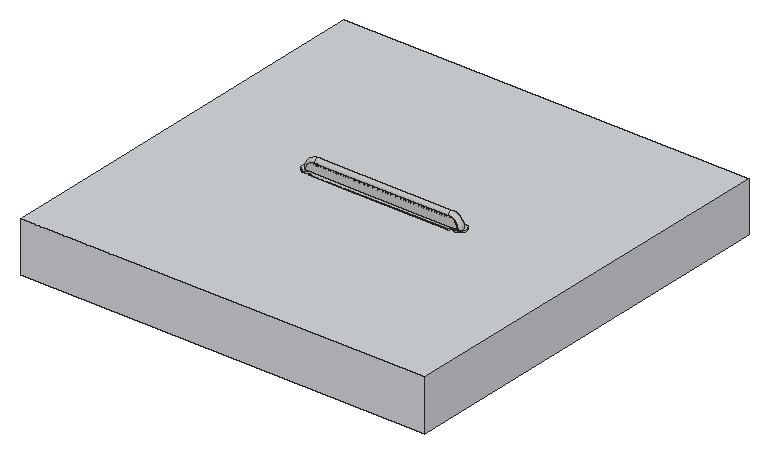
Revit family
Parameters (values of type "1109-4")
  Waste Connection = no
  WFU = 0
  Voltage = 0
  Vent Connection = no
  URL = "http://www.acorneng.com"
  Type Comments = ""
  Tempered Water Connection = no
  Revised Date = "09-19-12"
  Phone# = "626-336-4561"
  Model = "1109-4"
  Material = 304 Stainless Steel
  Manufacturer = "Acorn Engineering"
  HWFU = 0
  HW Connection = no
  Designed By = "ATS BIM Team"
  Description = "Grab Bars - Suicide Resistant"
  Default Elevation = 32 1/4"
  CWFU = 0
  CW Connection = no
  Assembly Code = ""
  Amperage = 0
Reference planes (in)
  plane 1 "Center (Front/Back)": y = 0
  plane 2: z = 0
  plane 3 "Center (Left/Right)": x = 0
  plane 4: x = -18
  plane 5: x = 18
  plane 6: z = 1.5
Forms (in)
  Extrusion 1, solid
    sketch origin (0, 0, 0) x (1, 0, 0) y (0, 1, 0)
      loop
        line (-48, 48) -> (-48, -48) -> (48, -48) -> (48, 48) -> (-48, 48)
    from 0 to -12
  Sweep 2, solid, material "304 Stainless Steel" <- "Material"
    path origin (0, 0, 0.75) x (1, 0, 0) y (0, 0, 1)
      loop
        arc (18, -0.625) -> (17.3776, 0.8776) -> (15.875, 1.5) r 2.125
        line (15.875, 1.5) -> (-15.875, 1.5)
        arc (-15.875, 1.5) -> (-17.3776, 0.8776) -> (-18, -0.625) r 2.125
    profile origin (15.875, 0, 2.25) x (0, 0, -1) y (0, -1, 0)
      loop
        circle (0, 0) r 0.75
  Extrusion 3, solid, material "304 Stainless Steel" <- "Material"
    sketch origin (-6, 0, 0) x (1, 0, 0) y (0, 1, 0)
      loop
        circle (-12, 0) r 1.5
      loop
        circle (24, 0) r 1.5
    from 0 to 0.125
  Extrusion 4, solid, material "304 Stainless Steel" <- "Material"
    sketch origin (0, -0.8281, 0) x (1, 0, 0) y (0, 0, -1)
      loop
        line (-15.875, -2.25) -> (15.875, -2.25)
        arc (15.875, -2.25) -> (17.3776, -1.6276) -> (18, -0.125) r 2.125
        line (18, -0.125) -> (18, 0) -> (-18, 0) -> (-18, -0.125)
        arc (-18, -0.125) -> (-17.3776, -1.6276) -> (-15.875, -2.25) r 2.125
    from 0 to 0.0781
  Extrusion 5, solid, material "304 Stainless Steel" <- "Material"
    sketch origin (0, 0, 0) x (1, 0, 0) y (0, 1, 0)
      loop
        line (16.7493, -0.75) -> (-16.7493, -0.75) -> (-16.7493, -1.46875)
        arc (-16.7493, -1.46875) -> (-16.66692, -1.66762) -> (-16.46805, -1.75) r 0.28125
        line (-16.46805, -1.75) -> (16.46805, -1.75)
        arc (16.46805, -1.75) -> (16.66692, -1.66762) -> (16.7493, -1.46875) r 0.28125
        line (16.7493, -1.46875) -> (16.7493, -0.75)
    from 0 to 0.0781
Cuts and joins
  joined: Sweep 2, Extrusion 3, Extrusion 4, Extrusion 5
Dimensions and locks (in)
  plane 4 to plane 5 = 36"
  plane 2 to plane 6 = 1 1/2"
  aligned and locked: plane 2 to Extrusion 1
  aligned and locked: level to Extrusion 1
